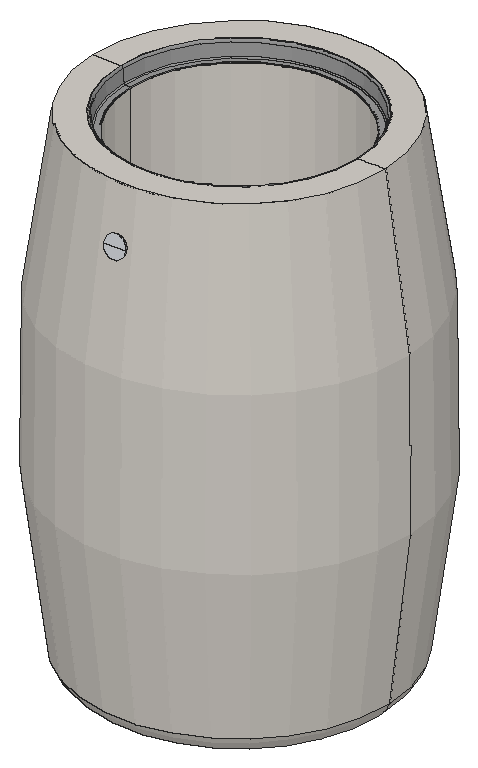
Revit family "Cestone PEGASO SC", category Modelli generici, Revit 2018
Family settings
  Può ospitare armatura = No
  Quota connettore circolare = Usa diametro
  Tipo di parte = Normale
  Basato su piano di lavoro = No
  Sempre verticale = Sì
  Taglio con vuoti quando caricato = No
  Condiviso = No
  Punto di calcolo locali = No
Parameters (values of type "0CEPP006 - GRANITO - 104 Lt")
  Weight ( kg) = "347 Kg"
  URL Ita = "https://www.bellitalia.net/prodotti/cestini/orione-pegaso/"
  URL Eng = "https://www.bellitalia.net/en/products/bins/orione-pegaso/"
  UNSPSC CATEGORY (CODE) = "47"
  UNIFORMAT II (DESCRIPTION/CODE) = "Other Equipment / E1090"
  UNICLASS 2.0 (DESCRIPTION/CODE) = "Litter Bins / PR-35-10-48"
  UNICLASS 1.4 (DESCRIPTION/CODE) = "Bins / L8113"
  Technical Description for Article = "PEGASO SC LITTER BIN IN GRANITO (COLOR TO BE CHOSEN) BUSH-HAMMERED ANTI-DECAY VARNISH"
  Technical Description Family = "\"Circular section waste bin mod. “PEGASUS” SC equipped with bag holder ring.\""
  Secondary Material = "Reconstituted Granite"
  Primary Material = "Reconstituted White Granite"
  OMNICLASS (DESCRIPTION/CODE) = "Recycling Bins / 23-27 59 13"
  Materiale Secondario = "Granito"
  Materiale Principale = "Granito Bianco"
  MATERIALE CONTORNO = ACCIAIO
  MATERIALE CESTO = GRANITO
  MASTERFORMAT 2014 (DESCRIPTION/CODE) = "Bins and Hoppers / 41 52 13"
  IFC = "Object"
  Fixings = "Freestanding"
  Fissaggio = "Appoggio"
  Family Name = "PEGASO"
  Dimensions = "900 mm X ⌀ 640 mm"
  Designer = "BELLITALIA DESIGN"
  Descrizione Tecnica per Codice = "CESTONE PEGASO SC IN GRANITO (COLORE A SCELTA) BOCCIARDATO VERNICIATURA ANTIDEGRADO"
  Descrizione Tecnica Famiglia = "\"Cestone portarifiuti a sezione circolare mod. “PEGASO” SC dotato di anello reggi sacco.\""
  Code = "0CEPP006"
  BIM Object Type = "CESTINI / LITTER BINS"
  BIM Name = "PEGASO SC - 104 Lt"
  Accessories = ""
  Accessori = ""
Types (4, lengths in mm): name | Technical Description for Article | Secondary Material | Primary Material | Materiale Secondario | Materiale Principale | MATERIALE CESTO | Descrizione Tecnica per Codice | BIM Name
  (no name) | "PEGASO SC LITTER BIN IN GRANITO (COLOR TO BE CHOSEN) BUSH-HAMMERED ANTI-DECAY VARNISH" | "Reconstituted Granite" | "Reconstituted White Granite" | "Granito" | "Granito Bianco" | GRANITO | "CESTONE PEGASO SC IN GRANITO (COLORE A SCELTA) BOCCIARDATO VERNICIATURA ANTIDEGRADO" | "PEGASO SC - 104 Lt"
  0CEPP006 - GRANITO - 104 Lt | "PEGASO SC LITTER BIN IN GRANITO (COLOR TO BE CHOSEN) BUSH-HAMMERED ANTI-DECAY VARNISH" | "Reconstituted Granite" | "Reconstituted White Granite" | "Granito" | "Granito Bianco" | GRANITO | "CESTONE PEGASO SC IN GRANITO (COLORE A SCELTA) BOCCIARDATO VERNICIATURA ANTIDEGRADO" | "PEGASO SC - 104 Lt"
  0CEPP006 - PIETRE PREZIOSE - 104 Lt | "PEGASO SC LITTER BIN IN PRECIOUS STONES (COLOR TO BE CHOSEN EXCEPT GREEN ALPS) BUSH-HAMMERED ANTI-DECAY VARNISH" | "Reconstituted Precious Stones" | "Reconstituted Precious Stones Bianco Carrara" | "Pietre Preziose Ricostituite" | "Pietre Preziose Ricostituite Bianco Carrara" | PIETRE PREZIOSE | "CESTONE PEGASO SC IN PIETRE PREZIOSE (COLORE A SCELTA ECCETTO VERDE ALPI) BOCCIARDATO VERNICIATURA ANTI-DEGRADO" | "PEGASO SC - 104 Lt."
  0CEPP006 - VERDE ALPI - 104 Lt | "PEGASO SC LITTER BIN IN GREEN ALPS BUSH-HAMMERED ANTI-DECAY VARNISH" | "Reconstituted Precious Stones" | "Reconstituted Precious Stones Verde Alpi" | "Pietre Preziose Ricostituite" | "Pietre Preziose Ricostituite Verde Alpi" | VERDE ALPI | "CESTONE PEGASO SC IN VERDE ALPI BOCCIARDATO VERNICIATURA ANTI-DEGRADO" | "PEGASO SC - 104 Lt."
Reference planes
  plane 1 "Centro (Fronte/Retro)": y = 0
  plane 2: z = 0
  plane 3 "Centro (Sinistra/Destra)": x = 0
Forms (mm)
  Revolve 1, solid, material "GRANITO" <- "MATERIALE CESTO"
    sketch origin (0, 0, 0) x (1, 0, 0) y (0, 0, 1)
      loop
        line (204.931, 0) -> (254.931, 0)
        arc (254.931, 0) -> (266.476, 11.67) -> (274.511, 25.984) r 61.314
        arc (274.511, 25.984) -> (317.992, 463.374) -> (267.634, 900.025) r 2058.79
        line (267.634, 900.025) -> (217.57, 900.025)
        arc (217.57, 900.025) -> (215.562, 897.692) -> (214.666, 894.746) r 7.459
        line (214.666, 894.746) -> (212.745, 872.779)
        arc (212.745, 872.779) -> (211.925, 870.801) -> (209.948, 869.982) r 2.796
        line (209.948, 869.982) -> (199.948, 869.982) -> (199.948, 4.982) -> (204.931, 0)
      axis (0, 900.025) -> (0, 0)
    angle from 0 to 360
  Revolve 2, solid, material "ACCIAIO" <- "MATERIALE CONTORNO"
    sketch origin (0, 0, 0) x (1, 0, 0) y (0, 0, 1)
      loop
        line (199.948, 869.982) -> (209.948, 869.982)
        arc (209.948, 869.982) -> (211.925, 870.801) -> (212.745, 872.779) r 2.796
        line (212.745, 872.779) -> (214.691, 895.021)
        arc (214.691, 895.021) -> (215.577, 897.841) -> (217.57, 900.025) r 6.85
        line (217.57, 900.025) -> (216.78, 900.025)
        arc (216.78, 900.025) -> (214.788, 897.876) -> (213.901, 895.083) r 6.71
        line (213.901, 895.083) -> (211.95, 872.779)
        arc (211.95, 872.779) -> (211.276, 871.37) -> (209.823, 870.799) r 2.133
        line (209.823, 870.799) -> (199.163, 870.799) -> (199.163, 869.982) -> (199.163, 869.18) -> (199.948, 869.18) -> (199.948, 869.982)
      axis (0, 900.025) -> (0, 869.18)
    angle from 0 to 360
Dimensions and locks
  aligned and locked: level to plane 2
Nested families
  nested 1: "boccola" at (2.38, -286.523, 806.067) x (1, 0.0083, 0) z (0.0082, -0.9847, 0.1743), type "boccola"
    with Materiale boccola none
Definition of nested family "boccola"
  Parameters (values of type "boccola")
    Default Elevation = 1219.2 mm
    Materiale boccola [instance] = none
  Reference planes
    plane 1 "Centro (Fronte/Retro)": y = 0
    plane 2: z = 0
    plane 3 "Centro (Sinistra/Destra)": x = 0
  Forms (mm)
    Extrusion 1, solid
      sketch origin (0, 0, 0) x (1, 0, 0) y (0, 1, 0)
        loop
          line (-1219.2, 1219.2) -> (-1219.2, -1219.2) -> (1219.2, -1219.2) -> (1219.2, 1219.2) -> (-1219.2, 1219.2)
      from 0 to -304.8
    Revolve 2, solid
      sketch origin (0.048, -0.056, 0.985) x (1, 0, 0) y (0, 0, 1)
        loop
          line (0, 0) -> (0, -19) -> (10, -19) -> (10, -4) -> (18, -4) -> (20, 0) -> (0, 0)
        axis (0, 0) -> (0, -19)
      angle from 0 to 360
  Dimensions and locks
    aligned and locked: plane 2 to Extrusion 1
    aligned and locked: level to Extrusion 1
